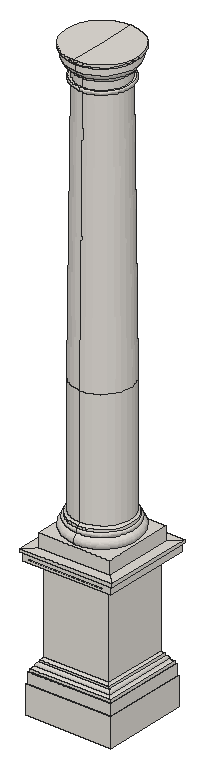
Revit family "d8821b39df364fe38e2c9e81bb357784", category Columns, Revit 2021
Family settings
  OmniClass Number = 23.25.30.11.14.11
  OmniClass Title = Columns
  Seek Item ID = Doric Column-0000-USA-ENU
  Cut with Voids When Loaded = No
  Automatically joins geometry to walls = Yes
  Shared = No
  Show family pre-cut in plan views = Yes
Parameters (values of type "16'  Height (10 2/3 x Dia.)")
  Assembly Code = "B1010200"
  Diameter = 1' - 6"
  Material = Stone - Marble, Alabaster
  Neck Diameter = 1' - 3 3/4"
Reference planes (in)
  plane 1: y = 0
  plane 2 "Pedestal": z = 0
  plane 3: x = 0
  plane 4: x = -9
  plane 5: x = 9
  plane 6: y = 9
  plane 7: y = -9
  plane 8 "Column": z = 48
  plane 9 "Entablature": z = 192
  plane 10 "1/3 Column": z = 96
  plane 11: y = 14.1126013
  plane 12: y = 7.875
  plane 13: y = -7.875
  plane 14: x = -7.875
  plane 15: x = 7.875
  plane 16 "2/3 Column": z = 144
  plane 17: z = 182
  plane 18: y = 11.5
  plane 19: y = 8.625
  plane 20: z = 52.25
  plane 21: z = 55.5
  plane 22: z = 57.5
  plane 23: z = 56.75
  plane 24: z = 144
  plane 25: z = 96
  plane 26 "1": z = 16.5
  plane 27 "2": z = 43.5
Forms (in)
  Sweep 1, solid, material "Stone - Marble, Alabaster" <- "Material"
    path origin (0, 0, 0) x (1, 0, 0) y (0, 1, 0)
      loop
        line (-14.1126013, 14.1126013) -> (-14.1126013, -14.1126013) -> (14.1126013, -14.1126013) -> (14.1126013, 14.1126013) -> (-14.1126013, 14.1126013)
    profile origin (0, 0, 0) x (0, 1, 0) y (0, 0, 1)
      loop
        line (13.6002026, 0) -> (13.6002026, 9) -> (13.2252026, 9) -> (13.2252026, 12.5) -> (12.8502026, 12.5) -> (12.8502026, 13.25)
        arc (12.8502026, 13.25) -> (12.2314842, 13.5062816) -> (11.9752026, 14.125) r 0.875
        arc (11.9752026, 14.125) -> (11.718921, 14.7437184) -> (11.1002026, 15) r 0.875
        line (11.1002026, 15) -> (11.1002026, 15.75)
        arc (11.1002026, 15.75) -> (10.5698725, 15.9696699) -> (10.3502026, 16.5) r 0.75
        line (10.3502026, 16.5) -> (9, 16.5) -> (9, 0) -> (13.6002026, 0)
  Revolve 2, solid, material "Stone - Marble, Alabaster" <- "Material"
    sketch origin (0, 0, 0) x (0, -1, 0) y (0, 0, 1)
      loop
        line (0, 52.25) -> (-9.75, 52.25)
        arc (-9.75, 52.25) -> (-11.375, 53.875) -> (-9.75, 55.5) r 1.625
        arc (-9.75, 55.5) -> (-10.375, 56.125) -> (-9.75, 56.75) r 0.625
        line (-9.75, 56.75) -> (-9.75, 57.5)
        arc (-9.75, 57.5) -> (-9.2196699, 57.7196699) -> (-9, 58.25) r 0.75
        line (-9, 58.25) -> (-9, 96) -> (-7.875, 182) -> (-8.625, 182)
        arc (-8.625, 182) -> (-9, 182.375) -> (-8.625, 182.75) r 0.375
        line (-8.625, 182.75) -> (-7.875, 182.75) -> (-7.875, 186) -> (-8.625, 186)
        arc (-8.625, 186) -> (-9, 186.375) -> (-8.625, 186.75) r 0.375
        arc (-8.625, 186.75) -> (-9.8624369, 187.2625631) -> (-10.375, 188.5) r 1.75
        line (-10.375, 188.5) -> (-10.625, 188.5) -> (-10.625, 190.5) -> (-10.7499976, 190.5)
        arc (-10.7499976, 190.5) -> (-10.9696682, 191.0303318) -> (-11.5, 191.2500024) r 0.7500024
        line (-11.5, 191.2500024) -> (-11.5, 192) -> (0, 192)
      axis (0, 192) -> (0, 52.25)
    angle from 0 to 360
  Extrusion 3, solid, material "Stone - Marble, Alabaster"
    sketch origin (0, 0, 0) x (1, 0, 0) y (0, 1, 0)
      loop
        line (-11.375, 11.375) -> (-11.375, -11.375) -> (11.375, -11.375) -> (11.375, 11.375) -> (-11.375, 11.375)
    from 48 to 52.25
  Extrusion 4, solid, material "Stone - Marble, Alabaster" <- "Material"
    sketch origin (0, 0, 0) x (1, 0, 0) y (0, 1, 0)
      loop
        line (-10.375, 10.375) -> (-10.375, -10.375) -> (10.375, -10.375) -> (10.375, 10.375) -> (-10.375, 10.375)
    from 16.5 to 43.5
  Sweep 5, solid, material "Stone - Marble, Alabaster" <- "Material"
    path origin (0, 0, 0) x (1, 0, 0) y (0, 1, 0)
      loop
        line (-9, 9) -> (-9, -9) -> (9, -9) -> (9, 9) -> (-9, 9)
    profile origin (0, 0, 0) x (1, 0, 0) y (0, 0, 1)
      loop
        line (-9, 48) -> (-14.625, 48) -> (-14.625, 47) -> (-14.125, 47) -> (-14.125, 44.5) -> (-13.125, 44.5) -> (-11.8064141, 43.5) -> (-9, 43.5) -> (-9, 48)
Dimensions and locks (in)
  equal spacing: plane 4, plane 3, plane 5
  equal spacing: plane 7, plane 1, plane 6
  "Diameter": plane 4 to plane 5
  "Diameter": plane 7 to plane 6
  equal spacing: plane 14, plane 3, plane 15
  "Neck Diameter": plane 14 to plane 15
  "Neck Diameter": plane 13 to plane 12
  equal spacing: plane 13, plane 1, plane 12
  equal spacing: plane 9 "Entablature", plane 16 "2/3 Column", plane 10 "1/3 Column", plane 8 "Column"
  locked: plane 9 "Entablature" to plane 17 at 10
  locked: plane 18 to plane 12 at 3.625
  locked: Sweep 1 sketch curve to plane 4 at 5.1126013
  locked: plane 5 to Sweep 1 sketch curve at 5.1126013
  locked: plane 6 to Sweep 1 sketch curve at 5.1126013
  locked: Sweep 1 sketch curve to plane 7 at 5.1126013
  locked: plane 19 to plane 12 at 0.75
  locked: plane 20 to plane 21 at 3.25
  locked: plane 21 to plane 23 at 1.25
  locked: plane 23 to plane 22 at 0.75
  locked: Extrusion 3 sketch curve to plane 4 at 2.375
  locked: plane 5 to Extrusion 3 sketch curve at 2.375
  locked: plane 6 to Extrusion 3 sketch curve at 2.375
  locked: Extrusion 3 sketch curve to plane 7 at 2.375
  locked: plane 8 "Column" to level at 48
  locked: plane 2 "Pedestal" to level
  locked: plane 8 "Column" to plane 20 at 4.25
  locked: plane 26 "1" to plane 2 "Pedestal" at 16.5
  locked: Extrusion 4 sketch curve to plane 4 at 1.375
  locked: plane 5 to Extrusion 4 sketch curve at 1.375
  locked: plane 6 to Extrusion 4 sketch curve at 1.375
  locked: Extrusion 4 sketch curve to plane 7 at 1.375
  locked: plane 8 "Column" to plane 27 "2" at 4.5
  Sweep 5 sketch curve to plane 4 = 0' - 5 5/8"
  Sweep 5 sketch curve to plane 4 = 0' - 5 1/8"
  locked: plane 8 "Column" to Sweep 5 sketch curve at 1
  locked: Sweep 5 sketch curve to Sweep 5 sketch curve at 2.5
  level to level = 16' - 0"
  aligned and locked: plane 9 "Entablature" to level
  aligned and locked: Sweep 1 sketch curve to plane 26 "1"
  aligned and locked: Revolve 2 sketch curve to plane 20
  aligned and locked: Extrusion 3 to Revolve 2
  aligned and locked: plane 8 "Column" to Extrusion 3
  aligned and locked: plane 27 "2" to Extrusion 4
  aligned and locked: Sweep 5 sketch curve to plane 6
  aligned and locked: Sweep 5 sketch curve to plane 5
  aligned and locked: plane 7 to Sweep 5 sketch curve
  aligned and locked: plane 4 to Sweep 5 sketch curve
  aligned and locked: Sweep 5 sketch curve to plane 8 "Column"
  aligned and locked: Sweep 5 sketch curve to plane 27 "2"
  aligned and locked: plane 26 "1" to Extrusion 4
  aligned and locked: Revolve 2 sketch curve to plane 18
Automatic sketch dimensions
  Sweep 1 sketch curve to level = 0' - 0"
  profile plane to Sweep 1 sketch curve = 0' - 5.1126"
  Sweep 1 sketch curve to Sweep 1 sketch curve = 0' - 1.3502"
  Sweep 1 sketch curve to Sweep 1 sketch curve = 0' - 0 3/4"  (x3)
  Sweep 1 sketch curve to Sweep 1 sketch curve = 0' - 0 7/8"  (x2)
  Sweep 1 sketch curve to Sweep 1 sketch curve = 0' - 0"
  Sweep 1 sketch curve to Sweep 1 sketch curve = 0' - 0 3/8"
  profile plane to Sweep 1 sketch curve = 0' - 0.5124"
  Sweep 1 sketch curve to Sweep 1 sketch curve = 0' - 3 1/2"
  Sweep 5 sketch curve to profile plane = 0' - 0"
  Sweep 5 sketch curve to Sweep 5 sketch curve = 0' - 1"
  Sweep 5 sketch curve to Sweep 5 sketch curve = 0' - 1.31859"
  Revolve 2 sketch curve to plane 22 = 0' - 0"
  Revolve 2 sketch curve to plane 21 = 0' - 0"  (x2)
  Revolve 2 sketch curve to plane 23 = 0' - 0"
  Revolve 2 sketch curve to plane 6 = 0' - 0"
  Revolve 2 sketch curve to plane 19 = 0' - 0"  (x2)
  Revolve 2 sketch curve to plane 12 = 0' - 0"  (x2)
  Revolve 2 sketch curve to plane 1 = 0' - 0"  (x3)
  Revolve 2 sketch curve to level = 0' - 0"  (x2)
  Revolve 2 sketch curve to plane 20 = 0' - 0"
  Revolve 2 sketch curve to plane 10 "1/3 Column" = 0' - 0"
  Revolve 2 sketch curve to plane 17 = 0' - 0"
  Revolve 2 sketch curve to Revolve 2 sketch curve = 0' - 0 3/4"
  Revolve 2 sketch curve to Revolve 2 sketch curve = 0' - 0 1/8"
  Revolve 2 sketch curve to Revolve 2 sketch curve = 0' - 0 1/4"
  Revolve 2 sketch curve to plane 6 = 0' - 0 3/4"
  Revolve 2 sketch curve to Revolve 2 sketch curve = 0' - 0 3/8"  (x2)
  Revolve 2 sketch curve to Revolve 2 sketch curve = 0' - 3 1/4"
  Revolve 2 sketch curve to Revolve 2 sketch curve = 0' - 0"
  Revolve 2 sketch curve to level = 0' - 1 1/2"
